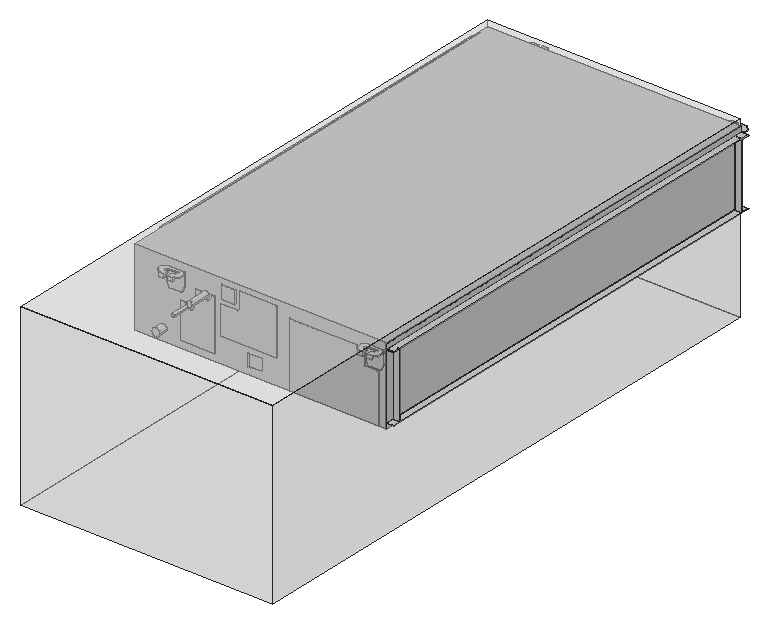
Revit family "outputfile", category 機械設備, Revit 2024
Family settings
  丸型コネクタ寸法 = 半径を使用
  パーツ タイプ = 標準
  OmniClass 番号 = 23.75.10.24.21.27.27
  OmniClass タイトル = Split System Air Conditioning Units
  作業面ベース = いいえ
  常に垂直 = はい
  ロード時にボイドで切り取り = いいえ
  注釈の向きを維持 = いいえ
  共有 = いいえ
  部屋計算ポイント = はい
Parameters (values of type "FBFC125DVM4")
  Description = ""
  製造元 = "Daikin"
  書き出し IFC クラス(タイプ) = "IfcUnitaryEquipmentType"
  定義済み IFC タイプ(タイプ) = "AIRCONDITIONINGUNIT"
  Cost = 0
  モデル = "FBFC125DVM4"
  Type Comments = ""
  Keynote = ""
  Type Image = (empty or 0)
  Assembly Code = ""
  switch_frequency = yes
  r_Liquid Pipe Size = Liquid Pipe Size / 2  # 4.75 mm
  r_Gas Pipe Size = Gas Pipe Size / 2  # 7.95 mm
  r_Drain Pipe Size = Drain Pipe Size / 2  # 12.5 mm
  lw_power = 770.0 mm  # constant formula
  lh_SA = 138.0 mm  # constant formula
  lw_SA = if(Depth = 550.0 mm, 225.0 mm, if(Depth = 700.0 mm, 300.0 mm, if(Depth = 1000.0 mm, 450.0 mm, if(Depth = 1400.0 mm, 650.0 mm, 725.0 mm))))  # 650.0 mm
  lw_RA = if(Depth = 550.0 mm, 275.0 mm, if(Depth = 700.0 mm, 349.0 mm, if(Depth = 1000.0 mm, 499.0 mm, if(Depth = 1400.0 mm, 699.0 mm, 775.0 mm))))  # 699.0 mm
  lh_power = 60.0 mm + [h***]  # 60.0 mm
  lh_mountinghole1 = lh_mountinghole + [h***]  # 222.0 mm
  lh_RA = 123.0 mm  # constant formula
  ld_power = Depth / 2  # 700.0 mm
  connector_voltage = Voltage_50Hz  # 230 V
  connector_powerinput = [Power Input (Cooling)]  # 0.000 kW
  connector_phase = Phase_50Hz  # 1
  Voltage_comment_50Hz = "220 - 240"
  Voltage_50Hz = 230 V
  URL = ""
  Supply Air Direction [instance] = yes
  Sound Power Level_H speed (dB) = 0
  Phase_50Hz = 1
  Minimum External Static Pressure = 50.00 Pa
  Minimum Circuit Amps_50Hz = 0.0 A
  Maximum Fuse Amps_50Hz = 0.0 A
  Maximum External Static Pressure = 150.00 Pa
  Material_Casing = DAIKIN_GalvanizedSteel_Casing_indoorunit
  lw_mountinghole = 630.0 mm  # constant formula
  lh_gaspipe = 183.0 mm + [h***]  # 183.0 mm
  lh_mountinghole = 222.0 mm  # constant formula
  lh_liquidpipe = 136.0 mm + [h***]  # 136.0 mm
  lh_drainpipe = 38.0 mm + [h***]  # 38.0 mm
  lh_antena = Height - lh_mountinghole + 1.0 mm  # 24.0 mm
  ld_drainpipe = Depth / 2 + 26.0 mm  # 726.0 mm
  ld_liquidpipe = Depth / 2 + 69.0 mm  # 769.0 mm
  ld_gaspipe = Depth / 2 + 65.0 mm  # 765.0 mm
  ld_mountinghole = Depth + 38.0 mm  # 1438.0 mm
  h*** = 0.0 mm  # constant formula
  lw_liquidpipe = 179.0 mm  # constant formula
  lw_gaspipe = 229.0 mm  # constant formula
  lw_drainpipe = 91.0 mm  # constant formula
  Width = 800.0 mm
  Version = "ver.1.0"
  Unit Type = "M.S.P. Duct"
  Unit Mass Weight = 46.00 kg
  Unit Designation [instance] = ""
  Uniclass2015Version = "Products v1.30"
  Uniclass2015Title = "Split coil room air conditioning units"
  Uniclass2015Code = "Pr_70_65_03_86"
  Total Cooling Capacity [instance] = 0.000 kW
  Sound Pressure Level_M speed (dBA) = 37.5
  Sound Pressure Level_L speed (dBA) = 35
  Sound Pressure Level_H speed (dBA) = 40
  Series = "SkyAir_Fan Coil Unit"
  Sensible Cooling Capacity [instance] = 0.000 kW
  SA Duct Size Width = 1192.0 mm
  SA Duct Size Height = 176.0 mm
  Refrigerant Type = "R32"
  RA Duct Size Width = 1352.0 mm
  RA Duct Size Height = 208.0 mm
  Power Input (Cooling) = 0.000 kW
  Option Accessory 3 [instance] = ""
  Option Accessory 2 [instance] = ""
  Option Accessory 1 [instance] = ""
  Nominal Cooling Capacity = 12.500 kW
  Minimum Airflow = 1500.00 m³/h
  Median Airflow = 1830.00 m³/h
  Maximum Airflow = 2160.00 m³/h
  Load Classification = HVAC
  Liquid Pipe Size = 9.5 mm
  Link_Nested Family [instance] = ""
  IfcVersion = ""
  IfcExportType = "AIRCONDITIONINGUNIT"
  IfcExportAs = "IfcUnitaryEquipmentType"
  Height = 245.0 mm
  Heat Exchanger Type = "Cross Fin Coil"
  Gas Pipe Size = 15.9 mm
  Frequency_50Hz = 50 Hz
  Fan Type = "Sirocco Fan"
  Fan Drive = "Direct Drive"
  FCU Tag No. [instance] = ""
  Drain Pipe Size = 25.0 mm
  Design Supply Airflow [instance] = 0.00 m³/h
  Design Return Airflow [instance] = 0.00 m³/h
  Design External Static Pressure [instance] = 0.00 Pa
  Depth = 1400.0 mm
  既定の高さ = 0.0 mm
  Cooling Entering Wet Bulb Temperature [instance] = 0.00 °C
  Cooling Entering Dry Bulb Temperature [instance] = 0.00 °C
  Cooling Ambient Wet Bulb Temperature [instance] = 0.00 °C
  Cooling Ambient Dry Bulb Temperature [instance] = 0.00 °C
  Clearance visibility [instance] = yes
  Clearance Top = 20.0 mm
  Clearance Right = 0.0 mm
  Clearance Rear = 0.0 mm
  Clearance Left = 0.0 mm
  Clearance Front = 450.0 mm
  Clearance Bottom = 300.0 mm
Reference planes
  plane 1 "Center (Front/Back)": y = 0
  plane 2 "h": z = 0
  plane 3 "Center (Left/Right)": x = 0
  plane 4 "Back": y = 700
  plane 5 "Front": y = -700
  plane 6 "Left": x = -400
  plane 7 "Right": x = 400
  plane 8 "Top": z = 0
  plane 9 "Bottom": z = -245
  plane 10: y = -215
  plane 11: y = 700
  plane 12: y = -1150
  plane 13: x = -400
  plane 14: x = 400
  plane 15: z = 20
  plane 16: z = -545
  plane 17: x = -400
  plane 18: x = -399
  plane 19: x = 399
  plane 20: y = 50
  plane 21: y = -1
  plane 22: z = -122
  plane 23: y = -701
  plane 24: z = -109
  plane 25: x = -221
  plane 26: y = -765
  plane 27: z = -62
  plane 28: x = -171
  plane 29: y = -726
  plane 30: z = -207
  plane 31: x = -309
  plane 32: x = -309
  plane 33: x = -221
  plane 34: x = -171
  plane 35: x = 370
  plane 36: x = -266
  plane 37: x = 364
  plane 38: y = -719
  plane 39: y = 719
  plane 40: z = -23
  plane 41: z = -107
  plane 42: y = -769
  plane 43: y = -376
  plane 44: x = -251
  plane 45: x = -203
  plane 46: x = -144
  plane 47: z = -59
  plane 48: z = -106
  plane 49: z = -221
  plane 50: z = -109
  plane 51: x = -221
  plane 52: z = -62
  plane 53: x = -171
  plane 54: z = -17
  plane 55: z = -59
  plane 56: x = -121
  plane 57: x = -79
  plane 58: x = -125
  plane 59: x = -64
  plane 60: x = 53
  plane 61: z = -164
  plane 62: z = -73
  plane 63: z = -16
  plane 64: x = 93.5
  plane 65: x = 374.5
  plane 66: x = 330
  plane 67: z = -88.5
  plane 68: z = -38
  plane 69: z = -242.5
  plane 70: x = -38.5
  plane 71: x = 6.5
  plane 72: z = -181
  plane 73: z = -221
  plane 74: y = -699
  plane 75: x = -424
  plane 76: x = 424
Forms (mm)
  Extrusion 1, solid, material "DAIKIN_GalvanizedSteel_Casing_indoorunit" <- "Material_Casing"
    sketch origin (0, 0, 0) x (1, 0, 0) y (0, 1, 0)
      loop
        line (-399, 700) -> (-399, -700) -> (399, -700) -> (399, 700) -> (-399, 700)
    from -245 to 0
  Extrusion 2, solid, material "DAIKIN_GalvanizedSteel_Casing_indoorunit" <- "Material_Casing"
    sketch origin (0, 0, 0) x (1, 0, 0) y (0, 0, 1)
      loop
        line (-251, -221) -> (-144, -221) -> (-144, -59) -> (-154.47, -59)
        arc (-154.47, -59) -> (-171, -78.8) -> (-187.53, -59) r 16.8
        line (-187.53, -59) -> (-203, -59) -> (-203, -106) -> (-206.916, -106)
        arc (-206.916, -106) -> (-221, -123.4) -> (-235.084, -106) r 14.4
        line (-235.084, -106) -> (-251, -106) -> (-251, -221)
    from 700 to 701
  Extrusion 3, solid, material "DAIKIN_GalvanizedSteel_Casing_indoorunit" <- "Material_Casing"
    sketch origin (0, 0, 0) x (1, 0, 0) y (0, 0, 1)
      loop
        line (-121, -17) -> (-121, -59) -> (-79, -59) -> (-79, -17) -> (-121, -17)
      loop
        line (-125, -73) -> (-125, -164) -> (53, -164) -> (53, -16) -> (-64, -16) -> (-64, -73) -> (-125, -73)
    from 700 to 701
  Extrusion 4, solid, material "DAIKIN_GalvanizedSteel_Casing_indoorunit" <- "Material_Casing"
    sketch origin (0, 0, 0) x (1, 0, 0) y (0, 0, 1)
      loop
        line (93.5, -38) -> (93.5, -242.5) -> (374.5, -242.5) -> (374.5, -88.5) -> (330, -88.5) -> (330, -38) -> (93.5, -38)
    from 700 to 701
  Extrusion 5, solid, material "DAIKIN_GalvanizedSteel_Casing_indoorunit" <- "Material_Casing"
    sketch origin (0, 0, 0) x (1, 0, 0) y (0, 0, 1)
      loop
        circle (-221, -109) r 4.75
    from 700 to 769
  Extrusion 6, solid, material "DAIKIN_GalvanizedSteel_Casing_indoorunit" <- "Material_Casing"
    sketch origin (0, 0, 0) x (1, 0, 0) y (0, 0, 1)
      loop
        circle (-171, -62) r 7.95
    from 700 to 765
  Extrusion 7, solid, material "DAIKIN_GalvanizedSteel_Casing_indoorunit" <- "Material_Casing"
    sketch origin (0, 0, 0) x (1, 0, 0) y (0, 0, 1)
      loop
        circle (-309, -207) r 12.5
    from 700 to 726
  Extrusion 8, void
    sketch origin (0, 0, 0) x (1, 0, 0) y (0, 0, 1)
      loop
        line (-38.5, -181) -> (-38.5, -221) -> (6.5, -221) -> (6.5, -181) -> (-38.5, -181)
    from 699 to 700
Cuts and joins
  Extrusion 8 cuts Extrusion 1
Dimensions and locks
  "Height": plane 8 "Top" to plane 9 "Bottom"
  equal spacing: plane 4 "Back", plane 1 "Center (Front/Back)", plane 5 "Front"
  "Depth": plane 4 "Back" to plane 5 "Front"
  equal spacing: plane 6 "Left", plane 3 "Center (Left/Right)", plane 7 "Right"
  "Width": plane 6 "Left" to plane 7 "Right"
  "Clearance Left": plane 13 to plane 6 "Left"
  "Clearance Right": plane 7 "Right" to plane 14
  "Clearance Rear": plane 11 to plane 4 "Back"
  "Clearance Front": plane 5 "Front" to plane 12
  "Clearance Top": plane 15 to plane 8 "Top"
  "Clearance Bottom": plane 9 "Bottom" to plane 16
  locked: plane 17 to plane 18 at 1
  locked: plane 19 to plane 14 at 1
  "lw_SA": plane 11 to plane 20
  "lw_RA": plane 21 to plane 5 "Front"
  "lh_RA": plane 22 to plane 9 "Bottom"
  locked: plane 5 "Front" to plane 23 at 1
  "lw_liquidpipe": plane 25 to plane 6 "Left"
  "lh_liquidpipe": plane 24 to plane 9 "Bottom"
  "lh_gaspipe": plane 27 to plane 9 "Bottom"
  "lw_gaspipe": plane 28 to plane 6 "Left"
  "ld_gaspipe": plane 26 to plane 1 "Center (Front/Back)"
  "ld_drainpipe": plane 29 to plane 1 "Center (Front/Back)"
  "lh_drainpipe": plane 30 to plane 9 "Bottom"
  "lw_drainpipe": plane 31 to plane 6 "Left"
  "lw_drainpipe": plane 6 "Left" to plane 32
  "lw_liquidpipe": plane 6 "Left" to plane 33
  "lw_gaspipe": plane 6 "Left" to plane 34
  "lw_power": plane 6 "Left" to plane 35
  locked: plane 17 to plane 36 at 134
  "lw_mountinghole": plane 36 to plane 37
  equal spacing: plane 38, plane 1 "Center (Front/Back)", plane 39
  "ld_mountinghole": plane 39 to plane 38
  "lh_mountinghole": plane 40 to plane 9 "Bottom"
  "lh_SA": plane 41 to plane 9 "Bottom"
  plane 46 to plane 45 to plane 44 to plane 6 "Left" = 59.0 mm, 48.0 mm, 149.0 mm
  plane 8 "Top" to plane 47 to plane 48 to plane 49 = 59.0 mm locked, 47.0 mm locked, 115.0 mm locked
  plane 53 to plane 51 to plane 6 "Left" = 50.0 mm locked, 179.0 mm locked
  plane 52 to plane 50 to plane 9 "Bottom" = 47.0 mm locked, 136.0 mm locked
  plane 57 to plane 56 to plane 6 "Left" = 42.0 mm locked, 279.0 mm locked
  plane 8 "Top" to plane 54 to plane 55 = 17.0 mm locked, 42.0 mm locked
  plane 60 to plane 59 to plane 58 to plane 6 "Left" = 117.0 mm, 61.0 mm, 275.0 mm
  plane 8 "Top" to plane 63 to plane 62 = 16.0 mm locked, 57.0 mm locked
  locked: plane 63 to plane 61 at 148
  plane 8 "Top" to plane 68 to plane 67 to plane 69 = 38.0 mm locked, 50.5 mm locked, 154.0 mm locked
  plane 65 to plane 66 to plane 64 to plane 6 "Left" = 44.5 mm locked, 236.5 mm locked, 493.5 mm locked
  plane 8 "Top" to plane 72 to plane 73 = 181.0 mm locked, 40.0 mm locked
  plane 71 to plane 70 to plane 6 "Left" = 45.0 mm, 361.5 mm
  locked: plane 74 to plane 5 "Front" at 1
  locked: plane 75 to plane 17 at 24
  locked: plane 14 to plane 76 at 24
  "ld_liquidpipe": plane 42 to plane 1 "Center (Front/Back)"
  "r_Liquid Pipe Size": radius of Extrusion 5 sketch curve
  "r_Gas Pipe Size": radius of Extrusion 6 sketch curve
  "r_Drain Pipe Size": radius of Extrusion 7 sketch curve
  aligned and locked: level to plane 2 "h"
  aligned and locked: plane 8 "Top" to Extrusion 1
  aligned and locked: Extrusion 1 to plane 9 "Bottom"
  aligned and locked: nested 5 to plane 12
  aligned and locked: plane 13 to nested 5
  aligned and locked: plane 14 to nested 5
  aligned and locked: nested 5 to plane 13
  aligned and locked: plane 11 to nested 5
  aligned and locked: plane 15 to nested 5
  aligned and locked: plane 16 to nested 5
  aligned and locked: plane 5 "Front" to Extrusion 1 sketch curve
  aligned and locked: Extrusion 1 to plane 18
  aligned and locked: plane 19 to Extrusion 1
  aligned and locked: nested 7 to plane 18
  aligned and locked: nested 7 to plane 20
  aligned and locked: plane 19 to nested 8
  aligned and locked: plane 21 to nested 8
  aligned and locked: plane 22 to nested 8
  aligned and locked: Extrusion 2 to plane 23
  aligned and locked: plane 5 "Front" to Extrusion 2
  aligned and locked: Extrusion 3 to plane 23
  aligned and locked: plane 5 "Front" to Extrusion 3
  aligned and locked: plane 5 "Front" to Extrusion 4
  aligned and locked: Extrusion 5 sketch curve to plane 25
  aligned and locked: plane 24 to Extrusion 5 sketch curve
  aligned and locked: plane 5 "Front" to Extrusion 5
  aligned and locked: Extrusion 6 sketch curve to plane 28
  aligned and locked: plane 27 to Extrusion 6 sketch curve
  aligned and locked: plane 5 "Front" to Extrusion 6
  aligned and locked: Extrusion 7 sketch curve to plane 31
  aligned and locked: plane 30 to Extrusion 7 sketch curve
  aligned and locked: Extrusion 7 to plane 29
  aligned and locked: nested 3 to plane 29
  aligned and locked: nested 3 to plane 32
  aligned and locked: nested 2 to plane 33
  aligned and locked: nested 1 to plane 34
  aligned and locked: Extrusion 6 to plane 26
  aligned and locked: nested 1 to plane 26
  aligned and locked: nested 6 to plane 5 "Front"
  aligned and locked: nested 6 to plane 35
  aligned and locked: plane 36 to nested 10
  aligned and locked: nested 10 to plane 5 "Front"
  aligned and locked: plane 37 to nested 9
  aligned and locked: nested 9 to plane 5 "Front"
  aligned and locked: nested 11 to plane 36
  aligned and locked: plane 4 "Back" to nested 11
  aligned and locked: nested 12 to plane 37
  aligned and locked: plane 4 "Back" to nested 12
  aligned and locked: plane 40 to nested 10
  aligned and locked: plane 40 to nested 11
  aligned and locked: plane 40 to nested 9
  aligned and locked: plane 40 to nested 12
  aligned and locked: plane 36 to nested 14
  aligned and locked: nested 14 to plane 39
  aligned and locked: plane 37 to nested 13
  aligned and locked: nested 13 to plane 39
  aligned and locked: plane 37 to nested 16
  aligned and locked: plane 38 to nested 16
  aligned and locked: plane 38 to nested 15
  aligned and locked: plane 36 to nested 15
  aligned and locked: plane 17 to plane 6 "Left"
  aligned and locked: plane 41 to nested 7
  aligned and locked: Extrusion 5 to plane 42
  aligned and locked: nested 2 to plane 42
  aligned and locked: Extrusion 3 sketch curve to plane 54
  aligned and locked: Extrusion 3 sketch curve to plane 56
  aligned and locked: plane 55 to Extrusion 3 sketch curve
  aligned and locked: plane 57 to Extrusion 3 sketch curve
  aligned and locked: Extrusion 4 to plane 23
  aligned and locked: Extrusion 8 sketch curve to plane 72
  aligned and locked: plane 73 to Extrusion 8 sketch curve
  aligned and locked: plane 71 to Extrusion 8 sketch curve
  aligned and locked: plane 5 "Front" to Extrusion 8
  aligned and locked: plane 74 to Extrusion 8
  aligned and locked: nested 17 to plane 20
  aligned and locked: nested 17 to plane 75
  aligned and locked: plane 21 to nested 18
  aligned and locked: plane 76 to nested 18
  aligned and locked: plane 41 to nested 17
  aligned and locked: nested 18 to plane 22
  aligned and locked: nested 4 to plane 3 "Center (Left/Right)"
  aligned and locked: plane 1 "Center (Front/Back)" to nested 4
  aligned and locked: level to plane 8 "Top"
  aligned and locked: plane 5 "Front" to Extrusion 7
Automatic sketch dimensions
  plane 6 "Left" to Extrusion 1 sketch curve = 1.0 mm
  Extrusion 1 sketch curve to plane 7 "Right" = 1.0 mm
  Extrusion 1 sketch curve to plane 4 "Back" = 0.0 mm
  Extrusion 2 sketch curve to plane 44 = 0.0 mm
  Extrusion 2 sketch curve to plane 33 = 0.0 mm
  Extrusion 2 sketch curve to plane 45 = 0.0 mm
  Extrusion 2 sketch curve to plane 34 = 0.0 mm
  Extrusion 2 sketch curve to plane 46 = 0.0 mm
  Extrusion 2 sketch curve to plane 49 = 0.0 mm
  Extrusion 2 sketch curve to plane 50 = 0.0 mm
  Extrusion 2 sketch curve to plane 48 = 0.0 mm  (x3)
  Extrusion 2 sketch curve to plane 52 = 0.0 mm
  Extrusion 2 sketch curve to plane 47 = 0.0 mm  (x3)
  plane 33 to Extrusion 2 sketch curve = 14.084 mm
  plane 34 to Extrusion 2 sketch curve = 16.53 mm
  Extrusion 3 sketch curve to plane 58 = 0.0 mm
  Extrusion 3 sketch curve to plane 59 = 0.0 mm
  Extrusion 3 sketch curve to plane 60 = 0.0 mm
  Extrusion 3 sketch curve to plane 61 = 0.0 mm
  Extrusion 3 sketch curve to plane 62 = 0.0 mm
  Extrusion 3 sketch curve to plane 63 = 0.0 mm
  Extrusion 4 sketch curve to plane 64 = 0.0 mm
  Extrusion 4 sketch curve to plane 66 = 0.0 mm
  Extrusion 4 sketch curve to plane 65 = 0.0 mm
  Extrusion 4 sketch curve to plane 69 = 0.0 mm
  Extrusion 4 sketch curve to plane 67 = 0.0 mm
  Extrusion 4 sketch curve to plane 68 = 0.0 mm
  Extrusion 8 sketch curve to plane 70 = 0.0 mm
Nested families
  nested 1: "daikin_connector_rotate2" at (-171, 0, -62), length <- "ld_gaspipe", built-in parameter 1001364 <- "lh_gaspipe", radius <- "r_Gas Pipe Size", type "daikin_connector_rotate2"
    with radius 7.95 mm, length 765.0 mm, angle_vertical 90.00°
  nested 2: "daikin_connector_rotate2" at (-221, 0, -109), length <- "ld_liquidpipe", built-in parameter 1001364 <- "lh_liquidpipe", radius <- "r_Liquid Pipe Size", type "daikin_connector_rotate2"
    with radius 4.75 mm, length 769.0 mm, angle_vertical 90.00°
  nested 3: "daikin_connector_rotate2" at (-309, 0, -207), length <- "ld_drainpipe", built-in parameter 1001364 <- "lh_drainpipe", radius <- "r_Drain Pipe Size", type "daikin_connector_rotate2"
    with radius 12.5 mm, length 726.0 mm, angle_vertical 90.00°
  nested 4: "daikin_△_symbolicline" at (0, 0, 245) x (0, -1, 0) z (0, 0, 1), built-in parameter 1001364 <- "Height", visible <- "Supply Air Direction", type "daikin_△_symbolicline"
    with length 200.0 mm
  nested 5: "daikin_clearancespace" at (0, -225, -262.381), visible <- "Clearance visibility", show <- "Clearance visibility", Link_Nested Family <- "Link_Nested Family", type "daikin_clearancespace"
    with width 800.0 mm, show yes, height 565.0 mm, depth 1850.0 mm, Link_Nested Family ""
  nested 6: "daikin_connector_rotate2" at (370, 0, -185), built-in parameter 1001364 <- "lh_power", length <- "ld_power", type "daikin_connector_rotate2"
    with radius 10.0 mm, length 700.0 mm, angle_vertical 90.00°
  nested 7: "daikin_ductflange_FBFC-DVM42" at (-399, 50, -107) x (0, -1, 0) z (0, 0, 1), type "daikin_ductflange_FBFC-DVM42"
  nested 8: "daikin_ductflange_FBFC-DVM4" at (399, -1, -122) x (0, 1, 0) z (0, 0, 1), type "daikin_ductflange_FBFC-DVM4"
    with width 1352.0 mm, lw 25.0 mm, w 1400.0 mm
  nested 9: "daikin_hangerfixture_FBFC-DVM4" at (364, -700, -23), type "daikin_hangerfixture_FBFC-DVM4"
  nested 10: "daikin_hangerfixture_FBFC-DVM4" at (-266, -700, -23), type "daikin_hangerfixture_FBFC-DVM4"
  nested 11: "daikin_hangerfixture_FBFC-DVM4" at (-266, 700, -23) x (-1, 0, 0) z (0, 0, 1), type "daikin_hangerfixture_FBFC-DVM4"
  nested 12: "daikin_hangerfixture_FBFC-DVM4" at (364, 700, -23) x (-1, 0, 0) z (0, 0, 1), type "daikin_hangerfixture_FBFC-DVM4"
  nested 13: "daikin_mountinghole" at (364, 719, -245), h_mountinghole <- "lh_mountinghole1", l_antenna <- "lh_antena", Link_Nested Family <- "Link_Nested Family", type "daikin_mountinghole"
    with show yes, l_antenna 24.0 mm, h_mountinghole 222.0 mm, Link_Nested Family ""
  nested 14: "daikin_mountinghole" at (-266, 719, -245), h_mountinghole <- "lh_mountinghole1", l_antenna <- "lh_antena", Link_Nested Family <- "Link_Nested Family", type "daikin_mountinghole"
    with show yes, l_antenna 24.0 mm, h_mountinghole 222.0 mm, Link_Nested Family ""
  nested 15: "daikin_mountinghole" at (-266, -719, -245), h_mountinghole <- "lh_mountinghole1", l_antenna <- "lh_antena", Link_Nested Family <- "Link_Nested Family", type "daikin_mountinghole"
    with show yes, l_antenna 24.0 mm, h_mountinghole 222.0 mm, Link_Nested Family ""
  nested 16: "daikin_mountinghole" at (364, -719, -245), h_mountinghole <- "lh_mountinghole1", l_antenna <- "lh_antena", Link_Nested Family <- "Link_Nested Family", type "daikin_mountinghole"
    with show yes, l_antenna 24.0 mm, h_mountinghole 222.0 mm, Link_Nested Family ""
  nested 17: "daikin_connector_rotate2" at (-400, 50, -107) x (0, -1, 0) z (0, 0, 1), type "daikin_connector_rotate2"
    with radius 10.0 mm, length 24.0 mm, angle_vertical 90.00°
  nested 18: "daikin_connector_rotate2" at (400, -1, -122) x (0, 1, 0) z (0, 0, 1), type "daikin_connector_rotate2"
    with radius 10.0 mm, length 24.0 mm, angle_vertical 90.00°
Connectors
  piping at (-309, -726, -207), diameter 25, driven by "r_Drain Pipe Size"
    settings: on nested 3, index 3, connector inside diameter 609.6 mm, connector length 0.0 mm, flow factor 0, pipe flow 0.00 m³/h, pressure drop 0.0 Pa, fitting loss kfactor 0, connector angle 0.00°, fixture units 0, engagement length 0.0 mm, angle of deflection 0.00°, flow configuration 1, flow direction 2, fitting loss method 4, system type 16, joint type 0, gender type 0, connector reference index -1, connector utility 0, adjustable connector no, is connector primary yes, connector description "Condensate Drain Piping"
  piping at (-171, -765, -62), diameter 15.9, driven by "r_Gas Pipe Size"
    settings: on nested 1, index 4, connector inside diameter 609.6 mm, connector length 0.0 mm, flow factor 0, pipe flow 0.00 m³/h, pressure drop 0.0 Pa, fitting loss kfactor 0, connector angle 0.00°, fixture units 0, engagement length 0.0 mm, angle of deflection 0.00°, flow configuration 1, flow direction 2, fitting loss method 0, system type 29, joint type 0, gender type 0, connector reference index -1, connector utility 0, adjustable connector no, is connector primary no, connector description "Refrigerant Gas Piping"
  piping at (-221, -769, -109), diameter 9.5, driven by "r_Liquid Pipe Size"
    settings: on nested 2, index 5, connector inside diameter 609.6 mm, connector length 0.0 mm, flow factor 0, pipe flow 0.00 m³/h, pressure drop 0.0 Pa, fitting loss kfactor 0, connector angle 0.00°, fixture units 0, engagement length 0.0 mm, angle of deflection 0.00°, flow configuration 1, flow direction 1, fitting loss method 0, system type 29, joint type 0, gender type 0, connector reference index -1, connector utility 0, adjustable connector no, is connector primary no, connector description "Refrigerant Liquid Piping"
  electrical at (370, -700, -185), driven by "Load Classification", driven by "connector_powerinput", driven by "connector_voltage", driven by "connector_phase"
    settings: on nested 6, index 6, voltage 230 V, apparent load 0 VA, apparent load phase1 0 VA, apparent load phase2 0 VA, apparent load phase3 0 VA, power factor 1, load classification "HVAC", number of poles 1, system type 30, power factor state 1, is connector primary yes, connector utility no, sub classification motor no, connector description "Power Supply"
  hvac at (-424, 50, -107), driven by "SA Duct Size Height", driven by "SA Duct Size Width"
    settings: on nested 17, index 7, duct flow 0.00 m³/h, flow factor 0, pres drop 0.00 Pa, loss coef 0, conn angle 0.00°, conn width 1192.0 mm, conn height 176.0 mm, conn diameter 609.6 mm, duct sys type 1, conn prof type 1, flow config 0, flow direction 2, loss method 4, conn ref index -1, conn util no, is conn primary yes, conn desc "SA Duct"
  hvac at (424, -1, -122), driven by "RA Duct Size Height", driven by "RA Duct Size Width"
    settings: on nested 18, index 8, duct flow 0.00 m³/h, flow factor 0, pres drop 0.00 Pa, loss coef 0, conn angle 0.00°, conn width 1352.0 mm, conn height 208.0 mm, conn diameter 609.6 mm, duct sys type 2, conn prof type 1, flow config 0, flow direction 1, loss method 4, conn ref index -1, conn util no, is conn primary no, conn desc "RA Duct"
Definition of nested family "daikin_clearancespace"
  Parameters (values of type "daikin_clearancespace")
    Description = "daikin_clearancespace"
    width [instance] = 1823.963 mm
    show [instance] = yes
    material = none
    height [instance] = 1359.762 mm
    depth [instance] = 880.0 mm
    Default Elevation = 0.0 mm
    Link_Nested Family [instance] = ""
  Reference planes
    plane 1 "Center (Front/Back)": y = 0
    plane 2 "Center (Elevation)": z = -0.119
    plane 3 "Center (Left/Right)": x = 0
    plane 4: y = 440
    plane 5: y = -440
    plane 6 "Right": x = 911.982
    plane 7 "Left": x = -911.982
    plane 8 "Top": z = 679.762
    plane 9 "Bottom": z = -680
  Forms (mm)
    Extrusion 1, solid, material <- "material", visible <- "show"
      sketch origin (0, 0, 0) x (1, 0, 0) y (0, 1, 0)
        loop
          line (-911.982, 440) -> (-911.982, -440) -> (911.982, -440) -> (911.982, 440) -> (-911.982, 440)
      from -680 to 679.762
  Lines and regions (mm)
    symbolic lines, visible <- "show"
      curve 1: line (911.982, 440, 0) -> (-911.982, 440, 0)
      curve 2: line (-911.982, 440, 0) -> (-911.982, -440, 0)
      curve 3: line (-911.982, -440, 0) -> (911.982, -440, 0)
      curve 4: line (911.982, -440, 0) -> (911.982, 440, 0)
      curve 5: line (911.982, 0, 679.762) -> (-911.982, 0, 679.762)
      curve 6: line (911.982, 0, -680) -> (911.982, 0, 679.762)
      curve 7: line (-911.982, 0, -680) -> (911.982, 0, -680)
      curve 8: line (-911.982, 0, 679.762) -> (-911.982, 0, -680)
      curve 9: line (0, 440, 679.762) -> (0, -440, 679.762)
      curve 10: line (0, -440, 679.762) -> (0, -440, -680)
      curve 11: line (0, 440, -680) -> (0, 440, 679.762)
      curve 12: line (0, -440, -680) -> (0, 440, -680)
  Dimensions and locks
    "width": plane 7 "Left" to plane 6 "Right"
    "depth": plane 4 to plane 5
    "height": plane 8 "Top" to plane 9 "Bottom"
    equal spacing: plane 7 "Left", plane 3 "Center (Left/Right)", plane 6 "Right"
    equal spacing: plane 4, plane 1 "Center (Front/Back)", plane 5
    equal spacing: plane 8 "Top", plane 2 "Center (Elevation)", plane 9 "Bottom"
    aligned and locked: level to plane 2 "Center (Elevation)"
    aligned and locked: Extrusion 1 sketch curve to plane 4
    aligned and locked: plane 7 "Left" to Extrusion 1 sketch curve
    aligned and locked: Extrusion 1 sketch curve to plane 5
    aligned and locked: Extrusion 1 sketch curve to plane 6 "Right"
    aligned and locked: plane 8 "Top" to Extrusion 1
    aligned and locked: curve 1 to Extrusion 1
    aligned and locked: curve 2 to Extrusion 1
    aligned and locked: curve 3 to Extrusion 1
    aligned and locked: curve 4 to Extrusion 1
    aligned and locked: curve 5 to Extrusion 1
    aligned and locked: curve 6 to Extrusion 1
    aligned and locked: curve 7 to Extrusion 1
    aligned and locked: curve 8 to Extrusion 1
    aligned and locked: curve 9 to Extrusion 1
    aligned and locked: curve 10 to Extrusion 1
    aligned and locked: curve 11 to Extrusion 1
    aligned and locked: curve 12 to Extrusion 1
    aligned and locked: Extrusion 1 to plane 9 "Bottom"
Definition of nested family "daikin_ductflange_FBFC-DVM42"
  Parameters (values of type "daikin_ductflange_FBFC-DVMG2")
    width = if(w = 550.0 mm, 337.0 mm, if(w = 700.0 mm, 492.0 mm, if(w = 1000.0 mm, 792.0 mm, if(w = 1400.0 mm, 1192.0 mm, 1337.0 mm))))  # 1192.0 mm
    material = none
    height = 215.0 mm
    depth = 1.0 mm
    w = 1400.0 mm
    Default Elevation = 0.0 mm
  Reference planes
    plane 1 "Center (Front/Back)": y = 0
    plane 2: z = 0
    plane 3 "Center (Left/Right)": x = 0
    plane 4: z = 88
    plane 5: z = -88
    plane 6: y = -25
    plane 7: z = 106
    plane 8: z = 89
    plane 9: y = -1
    plane 10: x = -617.5
    plane 11: x = 617.5
    plane 12: z = -106
    plane 13: z = -89
    plane 14: y = -1
    plane 15: x = 596
    plane 16: x = -596
    plane 17: x = 597
    plane 18: z = 87
    plane 19: z = -87
    plane 20: x = -597
    plane 21: z = 87
    plane 22: z = -87
    plane 23: y = -1
  Forms (mm)
    Extrusion 1, solid, material <- "material"
      sketch origin (0, 0, 0) x (0, 1, 0) y (0, 0, 1)
        loop
          line (-25, 88) -> (0, 88) -> (0, 106) -> (-1, 106) -> (-1, 89) -> (-25, 89) -> (-25, 88)
      from -617.5 to 617.5
    Extrusion 2, solid, material <- "material"
      sketch origin (0, 0, 0) x (0, 1, 0) y (0, 0, 1)
        loop
          line (-25, -88) -> (-25, -89) -> (-1, -89) -> (-1, -106) -> (0, -106) -> (0, -88) -> (-25, -88)
      from -617.5 to 617.5
    Extrusion 3, solid, material <- "material"
      sketch origin (0, 0, 0) x (1, 0, 0) y (0, 0, 1)
        loop
          line (596, 88) -> (596, -88) -> (617.5, -88) -> (617.5, -87) -> (597, -87) -> (597, 87) -> (617.5, 87) -> (617.5, 88) -> (596, 88)
      from 0 to 25
    Extrusion 4, solid, material <- "material"
      sketch origin (0, 0, 0) x (1, 0, 0) y (0, 0, 1)
        loop
          line (-617.5, 88) -> (-617.5, 87) -> (-597, 87) -> (-597, -87) -> (-617.5, -87) -> (-617.5, -88) -> (-596, -88) -> (-596, 88) -> (-617.5, 88)
      from 0 to 25
    Extrusion 5, solid, material <- "material"
      sketch origin (0, 0, 0) x (1, 0, 0) y (0, 0, 1)
        loop
          line (-617.5, 88) -> (-617.5, -88) -> (-596, -88) -> (-596, 88) -> (-617.5, 88)
        loop
          line (617.5, 88) -> (596, 88) -> (596, -88) -> (617.5, -88) -> (617.5, 88)
      from 0 to 1
  Cuts and joins
    joined: Extrusion 1, Extrusion 2, Extrusion 3, Extrusion 4, Extrusion 5
  Dimensions and locks
    plane 4 to level to plane 5 = 88.0 mm, 88.0 mm
    locked: plane 6 to plane 1 "Center (Front/Back)" at 25
    locked: plane 9 to plane 1 "Center (Front/Back)" at 1
    locked: plane 8 to plane 4 at 1
    locked: plane 16 to plane 10 at 21.5
    locked: plane 17 to plane 15 at 1
    locked: plane 4 to plane 18 at 1
    locked: plane 19 to plane 5 at 1
    "width": plane 15 to plane 16
    plane 4 to plane 5 = 176.0 mm
    locked: plane 16 to plane 20 at 1
    locked: plane 4 to plane 21 at 1
    locked: plane 22 to plane 5 at 1
    locked: plane 23 to plane 1 "Center (Front/Back)" at 1
    plane 4 to level to plane 5 = 88.0 mm locked, 88.0 mm locked
    locked: plane 5 to plane 13 at 1
    locked: plane 5 to plane 12 at 18
    locked: plane 7 to plane 4 at 18
    equal spacing: plane 15, plane 3 "Center (Left/Right)", plane 16
    locked: plane 11 to plane 15 at 21.5
    plane 11 to plane 10 = 1235.0 mm
    aligned and locked: level to plane 2
    aligned and locked: Extrusion 1 to plane 10
    aligned and locked: plane 11 to Extrusion 1
    aligned and locked: plane 5 to Extrusion 2
    aligned and locked: Extrusion 2 to plane 1 "Center (Front/Back)"
    aligned and locked: plane 15 to Extrusion 3 sketch curve
    aligned and locked: Extrusion 3 sketch curve to Extrusion 2  (x2)
    aligned and locked: Extrusion 3 sketch curve to plane 11
    aligned and locked: plane 6 to Extrusion 3
    aligned and locked: Extrusion 2 to plane 10
    aligned and locked: plane 11 to Extrusion 2
    aligned and locked: Extrusion 4 sketch curve to Extrusion 1  (x2)
    aligned and locked: plane 5 to Extrusion 4 sketch curve
    aligned and locked: Extrusion 4 sketch curve to plane 16
    aligned and locked: Extrusion 4 sketch curve to plane 22
    aligned and locked: plane 20 to Extrusion 4 sketch curve
    aligned and locked: plane 21 to Extrusion 4 sketch curve
    aligned and locked: Extrusion 4 to plane 1 "Center (Front/Back)"
    aligned and locked: plane 6 to Extrusion 4
    aligned and locked: Extrusion 5 sketch curve to Extrusion 1  (x4)
    aligned and locked: Extrusion 5 sketch curve to Extrusion 4  (x2)
    aligned and locked: Extrusion 5 sketch curve to Extrusion 3  (x2)
    aligned and locked: Extrusion 5 to plane 1 "Center (Front/Back)"
    aligned and locked: plane 23 to Extrusion 5
  Automatic sketch dimensions
    Extrusion 1 sketch curve to plane 6 = 0.0 mm
    Extrusion 1 sketch curve to plane 7 = 0.0 mm
    Extrusion 1 sketch curve to plane 9 = 0.0 mm
    Extrusion 1 sketch curve to plane 1 "Center (Front/Back)" = 0.0 mm
    Extrusion 1 sketch curve to plane 4 = 0.0 mm
    Extrusion 1 sketch curve to plane 8 = 0.0 mm
    Extrusion 2 sketch curve to plane 6 = 0.0 mm
    plane 12 to Extrusion 2 sketch curve = 0.0 mm
    Extrusion 2 sketch curve to plane 14 = 0.0 mm
    Extrusion 2 sketch curve to plane 1 "Center (Front/Back)" = 0.0 mm
    plane 13 to Extrusion 2 sketch curve = 0.0 mm
    Extrusion 2 sketch curve to plane 5 = 0.0 mm
    Extrusion 3 sketch curve to plane 17 = 0.0 mm
    Extrusion 3 sketch curve to plane 19 = 0.0 mm
    Extrusion 3 sketch curve to plane 18 = 0.0 mm
    Extrusion 3 sketch curve to plane 4 = 0.0 mm
    Extrusion 4 sketch curve to plane 10 = 0.0 mm
Definition of nested family "daikin_ductflange_FBFC-DVM4"
  Parameters (values of type "daikin_ductflange_FBFC-DVMG")
    width = if(w = 550.0 mm, 502.0 mm, if(w = 700.0 mm, 654.0 mm, if(w = 1000.0 mm, 952.0 mm, if(w = 1400.0 mm, 1352.0 mm, 1502.0 mm))))  # 654.0 mm
    material = none
    lw = if(width = 654.0 mm, 23.0 mm, 25.0 mm)  # 23.0 mm
    height = 208.0 mm
    depth = 1.0 mm
    w = 700.0 mm
    Default Elevation = 0.0 mm
  Reference planes
    plane 1 "Center (Front/Back)": y = 0
    plane 2: z = 0
    plane 3 "Center (Left/Right)": x = 0
    plane 4: z = 104
    plane 5: z = -104
    plane 6: y = -25
    plane 7: z = 121
    plane 8: z = 105
    plane 9: y = -1
    plane 10: x = -350
    plane 11: x = 350
    plane 12: z = -122
    plane 13: z = -105
    plane 14: y = -1
    plane 15: x = 327
    plane 16: x = -327
    plane 17: x = 328
    plane 18: z = 103
    plane 19: z = -103
    plane 20: x = -328
    plane 21: z = 103
    plane 22: z = -103
    plane 23: y = -1
  Forms (mm)
    Extrusion 1, solid, material <- "material"
      sketch origin (0, 0, 0) x (0, 1, 0) y (0, 0, 1)
        loop
          line (-25, 104) -> (0, 104) -> (0, 121) -> (-1, 121) -> (-1, 105) -> (-25, 105) -> (-25, 104)
      from -350 to 350
    Extrusion 2, solid, material <- "material"
      sketch origin (0, 0, 0) x (0, 1, 0) y (0, 0, 1)
        loop
          line (-25, -104) -> (-25, -105) -> (-1, -105) -> (-1, -122) -> (0, -122) -> (0, -104) -> (-25, -104)
      from -350 to 350
    Extrusion 3, solid, material <- "material"
      sketch origin (0, 0, 0) x (1, 0, 0) y (0, 0, 1)
        loop
          line (327, 104) -> (327, -104) -> (350, -104) -> (350, -103) -> (328, -103) -> (328, 103) -> (350, 103) -> (350, 104) -> (327, 104)
      from 0 to 25
    Extrusion 4, solid, material <- "material"
      sketch origin (0, 0, 0) x (1, 0, 0) y (0, 0, 1)
        loop
          line (-350, 104) -> (-350, 103) -> (-328, 103) -> (-328, -103) -> (-350, -103) -> (-350, -104) -> (-327, -104) -> (-327, 104) -> (-350, 104)
      from 0 to 25
    Extrusion 5, solid, material <- "material"
      sketch origin (0, 0, 0) x (1, 0, 0) y (0, 0, 1)
        loop
          line (-350, 104) -> (-350, -104) -> (-327, -104) -> (-327, 104) -> (-350, 104)
        loop
          line (350, 104) -> (327, 104) -> (327, -104) -> (350, -104) -> (350, 104)
      from 0 to 1
  Cuts and joins
    joined: Extrusion 1, Extrusion 2, Extrusion 3, Extrusion 4, Extrusion 5
  Dimensions and locks
    plane 4 to level to plane 5 = 104.0 mm, 104.0 mm
    locked: plane 6 to plane 1 "Center (Front/Back)" at 25
    locked: plane 9 to plane 1 "Center (Front/Back)" at 1
    locked: plane 8 to plane 4 at 1
    "lw": plane 11 to plane 15
    "lw": plane 16 to plane 10
    locked: plane 17 to plane 15 at 1
    locked: plane 4 to plane 18 at 1
    locked: plane 19 to plane 5 at 1
    "width": plane 15 to plane 16
    equal spacing: plane 15, plane 3 "Center (Left/Right)", plane 16
    locked: plane 16 to plane 20 at 1
    locked: plane 4 to plane 21 at 1
    locked: plane 22 to plane 5 at 1
    locked: plane 23 to plane 1 "Center (Front/Back)" at 1
    locked: plane 7 to plane 4 at 17
    locked: plane 1 "Center (Front/Back)" to plane 14 at 1
    locked: plane 5 to plane 13 at 1
    "height": plane 4 to plane 5
    plane 11 to plane 10 = 700.0 mm
    locked: plane 12 to plane 13 at 17
    equal spacing: plane 4, level, plane 5
    aligned and locked: level to plane 2
    aligned and locked: Extrusion 1 to plane 10
    aligned and locked: plane 11 to Extrusion 1
    aligned and locked: plane 5 to Extrusion 2
    aligned and locked: Extrusion 2 to plane 1 "Center (Front/Back)"
    aligned and locked: plane 15 to Extrusion 3 sketch curve
    aligned and locked: Extrusion 3 sketch curve to Extrusion 2  (x2)
    aligned and locked: Extrusion 3 sketch curve to plane 11
    aligned and locked: plane 6 to Extrusion 3
    aligned and locked: Extrusion 2 to plane 10
    aligned and locked: plane 11 to Extrusion 2
    aligned and locked: Extrusion 4 sketch curve to Extrusion 1  (x2)
    aligned and locked: plane 5 to Extrusion 4 sketch curve
    aligned and locked: Extrusion 4 sketch curve to plane 16
    aligned and locked: Extrusion 4 sketch curve to plane 22
    aligned and locked: plane 20 to Extrusion 4 sketch curve
    aligned and locked: plane 21 to Extrusion 4 sketch curve
    aligned and locked: Extrusion 4 to plane 1 "Center (Front/Back)"
    aligned and locked: plane 6 to Extrusion 4
    aligned and locked: Extrusion 5 sketch curve to Extrusion 1  (x4)
    aligned and locked: Extrusion 5 sketch curve to Extrusion 4  (x2)
    aligned and locked: Extrusion 5 sketch curve to Extrusion 3  (x2)
    aligned and locked: Extrusion 5 to plane 1 "Center (Front/Back)"
    aligned and locked: plane 23 to Extrusion 5
  Automatic sketch dimensions
    Extrusion 1 sketch curve to plane 6 = 0.0 mm
    Extrusion 1 sketch curve to plane 7 = 0.0 mm
    Extrusion 1 sketch curve to plane 9 = 0.0 mm
    Extrusion 1 sketch curve to plane 1 "Center (Front/Back)" = 0.0 mm
    Extrusion 1 sketch curve to plane 4 = 0.0 mm
    Extrusion 1 sketch curve to plane 8 = 0.0 mm
    Extrusion 2 sketch curve to plane 6 = 0.0 mm
    plane 12 to Extrusion 2 sketch curve = 0.0 mm
    Extrusion 2 sketch curve to plane 14 = 0.0 mm
    Extrusion 2 sketch curve to plane 1 "Center (Front/Back)" = 0.0 mm
    plane 13 to Extrusion 2 sketch curve = 0.0 mm
    Extrusion 2 sketch curve to plane 5 = 0.0 mm
    Extrusion 3 sketch curve to plane 17 = 0.0 mm
    Extrusion 3 sketch curve to plane 19 = 0.0 mm
    Extrusion 3 sketch curve to plane 18 = 0.0 mm
    Extrusion 3 sketch curve to plane 4 = 0.0 mm
    Extrusion 4 sketch curve to plane 10 = 0.0 mm
Definition of nested family "daikin_hangerfixture_FBFC-DVM4"
  Parameters (values of type "daikin_hangerfixture_FXMQ-PAVE")
    width = 72.0 mm
    material = none
    height = 60.0 mm
    depth = 41.0 mm
    Default Elevation = 0.0 mm
  Reference planes
    plane 1 "Center (Front/Back)": y = 0
    plane 2: z = 0
    plane 3 "Center (Left/Right)": x = 0
    plane 4: y = 417.146
    plane 5: y = -41
    plane 6: x = -36
    plane 7: x = 36
    plane 8: z = -2.3
    plane 9: z = -60
    plane 10: y = -2.3
    plane 11: z = -12
    plane 12: y = -38.7
  Forms (mm)
    Extrusion 1, solid, material <- "material"
      sketch origin (0, 0, 0) x (1, 0, 0) y (0, 1, 0)
        loop
          line (-28, 0) -> (-28, -5)
          arc (-28, -5) -> (-29.127, -8.162) -> (-32, -9.899) r 5
          arc (-32, -9.899) -> (-34.873, -11.636) -> (-36, -14.798) r 5
          line (-36, -14.798) -> (-36, -27.178)
          arc (-36, -27.178) -> (-35.429, -29.499) -> (-33.846, -31.289) r 5
          line (-33.846, -31.289) -> (-23, -38.798) -> (-23, -41.098) -> (-6.5, -41.098) -> (-6.5, -28.498)
          arc (-6.5, -28.498) -> (-7.379, -26.377) -> (-9.5, -25.498) r 3
          line (-9.5, -25.498) -> (-13.5, -25.498)
          arc (-13.5, -25.498) -> (-20, -18.998) -> (-13.5, -12.498) r 6.5
          line (-13.5, -12.498) -> (13.5, -12.498)
          arc (13.5, -12.498) -> (20, -18.998) -> (13.5, -25.498) r 6.5
          line (13.5, -25.498) -> (9.5, -25.498)
          arc (9.5, -25.498) -> (7.379, -26.377) -> (6.5, -28.498) r 3
          line (6.5, -28.498) -> (6.5, -41.098) -> (23, -41.098) -> (23, -38.798) -> (33.846, -31.289)
          arc (33.846, -31.289) -> (35.429, -29.499) -> (36, -27.178) r 5
          line (36, -27.178) -> (36, -14.596)
          arc (36, -14.596) -> (34.873, -11.434) -> (32, -9.697) r 5
          arc (32, -9.697) -> (29.127, -7.96) -> (28, -4.798) r 5
          line (28, -4.798) -> (28, 0) -> (-28, 0)
      from 0 to -2.3
    Extrusion 2, solid, material <- "material"
      sketch origin (0, 0, 0) x (1, 0, 0) y (0, 0, 1)
        loop
          line (28, -39.037) -> (28, 0) -> (-28, 0) -> (-28, -39.037)
          arc (-28, -39.037) -> (-27.91, -39.983) -> (-27.642, -40.894) r 5
          line (-27.642, -40.894) -> (-21.257, -56.857)
          arc (-21.257, -56.857) -> (-19.418, -59.14) -> (-16.615, -60) r 5
          line (-16.615, -60) -> (16.615, -60)
          arc (16.615, -60) -> (19.418, -59.14) -> (21.257, -56.857) r 5
          line (21.257, -56.857) -> (27.642, -40.894)
          arc (27.642, -40.894) -> (27.91, -39.983) -> (28, -39.037) r 5
      from 0 to 2.3
    Extrusion 3, solid, material <- "material"
      sketch origin (0, 0, 0) x (1, 0, 0) y (0, 0, 1)
        loop
          line (-23, 0) -> (-23, -9)
          arc (-23, -9) -> (-22.121, -11.121) -> (-20, -12) r 3
          line (-20, -12) -> (-9.5, -12)
          arc (-9.5, -12) -> (-7.379, -11.121) -> (-6.5, -9) r 3
          line (-6.5, -9) -> (-6.5, 0) -> (-23, 0)
        loop
          line (23, 0) -> (6.5, 0) -> (6.5, -9)
          arc (6.5, -9) -> (7.379, -11.121) -> (9.5, -12) r 3
          line (9.5, -12) -> (20, -12)
          arc (20, -12) -> (22.121, -11.121) -> (23, -9) r 3
          line (23, -9) -> (23, 0)
      from 38.8 to 41.098
  Cuts and joins
    joined: Extrusion 1, Extrusion 2, Extrusion 3
  Dimensions and locks
    plane 2 to plane 8 = 2.3 mm
    "height": plane 2 to plane 9
    locked: plane 10 to plane 1 "Center (Front/Back)" at 2.3
    locked: plane 2 to plane 11 at 12
    locked: plane 12 to plane 5 at 2.3
    aligned and locked: level to plane 2
    aligned and locked: Extrusion 1 to plane 8
    aligned and locked: plane 2 to Extrusion 1
    aligned and locked: plane 2 to Extrusion 2 sketch curve
    aligned and locked: Extrusion 2 to plane 10
    aligned and locked: Extrusion 2 to plane 1 "Center (Front/Back)"
    aligned and locked: Extrusion 3 sketch curve to cut or joined group of Extrusion 1, Extrusion 2, Extrusion 3  (x3)
    aligned and locked: cut or joined group of Extrusion 1, Extrusion 2, Extrusion 3 to Extrusion 3
  Automatic sketch dimensions
    Extrusion 2 sketch curve to plane 7 = 8.0 mm
    Extrusion 2 sketch curve to plane 8 = 36.737 mm
    plane 6 to Extrusion 2 sketch curve = 19.385 mm
    Extrusion 1 sketch curve to plane 6 = 0.0 mm
    plane 1 "Center (Front/Back)" to Extrusion 1 sketch curve = 0.0 mm
    Extrusion 1 sketch curve to plane 7 = 0.0 mm
    plane 6 to Extrusion 1 sketch curve = 2.154 mm
    plane 6 to Extrusion 1 sketch curve = 3.0 mm
    Extrusion 1 sketch curve to Extrusion 1 sketch curve = 5.0 mm  (x3)
    Extrusion 1 sketch curve to plane 12 = 0.098 mm  (x2)
    Extrusion 1 sketch curve to Extrusion 1 sketch curve = 4.0 mm  (x2)
    Extrusion 1 sketch curve to plane 5 = 0.098 mm  (x2)
    Extrusion 1 sketch curve to plane 3 "Center (Left/Right)" = 6.5 mm
    plane 3 "Center (Left/Right)" to Extrusion 1 sketch curve = 6.5 mm
    Extrusion 1 sketch curve to Extrusion 1 sketch curve = 3.0 mm
    Extrusion 1 sketch curve to plane 7 = 8.0 mm
    Extrusion 1 sketch curve to plane 7 = 5.0 mm
    Extrusion 1 sketch curve to plane 7 = 3.0 mm
    Extrusion 1 sketch curve to plane 7 = 2.154 mm
    plane 12 to Extrusion 1 sketch curve = 7.411 mm  (x2)
    plane 12 to Extrusion 1 sketch curve = 10.202 mm  (x2)
    Extrusion 1 sketch curve to Extrusion 1 sketch curve = 6.5 mm  (x2)
    Extrusion 1 sketch curve to Extrusion 1 sketch curve = 12.38 mm
    Extrusion 1 sketch curve to plane 10 = 12.296 mm
    Extrusion 1 sketch curve to plane 10 = 2.7 mm
    Extrusion 1 sketch curve to plane 10 = 2.498 mm
    plane 6 to Extrusion 1 sketch curve = 4.0 mm
    Extrusion 1 sketch curve to Extrusion 1 sketch curve = 0.0 mm  (x2)
    Extrusion 1 sketch curve to plane 7 = 4.0 mm
    Extrusion 1 sketch curve to Extrusion 1 sketch curve = 4.111 mm
    Extrusion 3 sketch curve to level = 0.0 mm  (x2)
    Extrusion 3 sketch curve to plane 11 = 0.0 mm  (x2)
    plane 11 to Extrusion 3 sketch curve = 3.0 mm  (x2)
    plane 3 "Center (Left/Right)" to Extrusion 3 sketch curve = 6.5 mm
    Extrusion 3 sketch curve to Extrusion 3 sketch curve = 3.0 mm  (x2)
    Extrusion 2 sketch curve to plane 9 = 0.0 mm
    Extrusion 2 sketch curve to Extrusion 2 sketch curve = 11.385 mm
    plane 6 to Extrusion 2 sketch curve = 8.0 mm
    plane 9 to Extrusion 2 sketch curve = 20.963 mm
    Extrusion 2 sketch curve to Extrusion 2 sketch curve = 5.0 mm  (x2)
    plane 9 to Extrusion 2 sketch curve = 3.143 mm  (x3)
    Extrusion 2 sketch curve to Extrusion 2 sketch curve = 4.642 mm  (x2)
    Extrusion 2 sketch curve to Extrusion 2 sketch curve = 0.0 mm  (x2)
    Extrusion 2 sketch curve to Extrusion 2 sketch curve = 0.358 mm
    Extrusion 2 sketch curve to Extrusion 2 sketch curve = 1.857 mm  (x2)
Definition of nested family "daikin_connector_rotate2"
  Parameters (values of type "daikin_connector_rotate2")
    Default Elevation = 1219.2 mm
    show_face = no
    radius [instance] = 10.0 mm
    length [instance] = 600.0 mm
    d_surface = 10.0 mm
    angle_vertical [instance] = 90.00°
  Reference planes
    plane 1 "Center (Front/Back)": y = 0
    plane 2: z = 0
    plane 3 "Center (Left/Right)": x = 0
  Forms (mm)
    Extrusion 1, solid, visible <- "show_face"
      sketch origin (0, -600, 0) x (1, 0, 0) y (0, 0, 1)
        loop
          circle (0, 0) r 10
      from 0 to -10
  Lines and regions (mm)
    reference lines
      curve 1: line (0, 0, 0) -> (0, -600, 0)
    symbolic lines
      curve 2: circle (0, 0, 0) r 5 normal (0, 0, 1)
    model lines, visible <- "show_face"
      curve 3: line (0, 0, 0) -> (0, -600, 0)
  Dimensions and locks
    "length": curve 1 to curve 1
    "length": curve 3 to curve 3
    "d_surface": Extrusion 1 to Extrusion 1
    "radius": radius of Extrusion 1 sketch curve
    "angle_vertical": angle curve 1 to plane 1 "Center (Front/Back)"
    "angle_vertical": angle curve 3 to plane 1 "Center (Front/Back)"
    aligned and locked: level to plane 2
    aligned and locked: plane 1 "Center (Front/Back)" to curve 1
    aligned and locked: plane 2 to curve 1
    aligned and locked: plane 1 "Center (Front/Back)" to curve 2
    aligned and locked: plane 3 "Center (Left/Right)" to curve 2
    aligned and locked: plane 1 "Center (Front/Back)" to curve 3
    aligned and locked: plane 2 to curve 3
    aligned and locked: Extrusion 1 to Extrusion 1
  Automatic sketch dimensions
    Extrusion 1 sketch curve to level = 0.0 mm
    Extrusion 1 sketch curve to plane 3 "Center (Left/Right)" = 0.0 mm
    radius of curve 2 = 5.0 mm
Definition of nested family "daikin_△_symbolicline"
  Parameters (values of type "daikin_△_symbolicline")
    length [instance] = 200.0 mm
    Default Elevation = 0.0 mm
  Reference planes
    plane 1 "Center (Front/Back)": y = 0
    plane 2: z = 0
    plane 3 "Center (Left/Right)": x = 0
  Lines and regions (mm)
    symbolic lines
      curve 1: line (0, -173.205, 0) -> (100, 0, 0)
      curve 2: line (100, 0, 0) -> (-100, 0, 0)
      curve 3: line (-100, 0, 0) -> (0, -173.205, 0)
  Dimensions and locks
    equal spacing: curve 3, plane 3 "Center (Left/Right)", curve 2
    "length": curve 3 to curve 2
    "length": curve 3 to curve 3
    "length": curve 1 to curve 1
    aligned and locked: level to plane 2
    aligned and locked: curve 2 to plane 1 "Center (Front/Back)"
    aligned and locked: plane 3 "Center (Left/Right)" to curve 3
Definition of nested family "daikin_mountinghole"
  Parameters (values of type "daikin_mountinghole")
    Default Elevation = 1219.2 mm
    Type Comments = "mountinghole"
    show [instance] = yes
    material = none
    l_centerline = 100.0 mm
    l_antenna [instance] = 100.0 mm
    h_mountinghole [instance] = 0.0 mm
    d_circle = 30.0 mm
    Link_Nested Family [instance] = ""
  Reference planes
    plane 1 "Center (Front/Back)": y = 0
    plane 2: z = 0
    plane 3 "Center (Left/Right)": x = 0
    plane 4: y = 50
    plane 5: x = -50
    plane 6: x = 50
    plane 7: y = -50
    plane 8 "h_mountinghole": z = 0
    plane 9: z = 100
  Lines and regions (mm)
    model lines, detail levels fine
      curve 1: circle (0, 0, 0) r 15 normal (0, 0, 1)
      curve 2: line (-50, 0, 0) -> (50, 0, 0)
      curve 3: line (0, 50, 0) -> (0, -50, 0)
    symbolic lines, detail levels fine
      curve 4: circle (0, 0, 0) r 15 normal (0, 0, 1)
      curve 5: line (-50, 0, 0) -> (50, 0, 0)
      curve 6: line (0, 50, 0) -> (0, -50, 0)
    model lines
      curve 7: line (0, 0, 100) -> (0, 0, 0)
  Dimensions and locks
    equal spacing: plane 4, plane 1 "Center (Front/Back)", plane 7
    "l_centerline": plane 4 to plane 7
    equal spacing: plane 5, plane 3 "Center (Left/Right)", plane 6
    "l_centerline": plane 5 to plane 6
    "l_antenna": plane 9 to plane 8 "h_mountinghole"
    "h_mountinghole": plane 8 "h_mountinghole" to plane 2
    "d_circle": diameter of curve 1
    "d_circle": diameter of curve 4
    aligned and locked: level to plane 2
    aligned and locked: plane 1 "Center (Front/Back)" to curve 1
    aligned and locked: plane 3 "Center (Left/Right)" to curve 1
    aligned and locked: plane 1 "Center (Front/Back)" to curve 2
    aligned and locked: curve 3 to plane 3 "Center (Left/Right)"
    aligned and locked: plane 6 to curve 2
    aligned and locked: plane 5 to curve 2
    aligned and locked: plane 4 to curve 3
    aligned and locked: plane 7 to curve 3
    aligned and locked: plane 1 "Center (Front/Back)" to curve 4
    aligned and locked: plane 3 "Center (Left/Right)" to curve 4
    aligned and locked: plane 6 to curve 5
    aligned and locked: plane 5 to curve 5
    aligned and locked: plane 1 "Center (Front/Back)" to curve 5
    aligned and locked: plane 4 to curve 6
    aligned and locked: plane 7 to curve 6
    aligned and locked: curve 6 to plane 3 "Center (Left/Right)"
    aligned and locked: curve 7 to plane 3 "Center (Left/Right)"
    aligned and locked: plane 9 to curve 7
    aligned and locked: plane 8 "h_mountinghole" to curve 7
